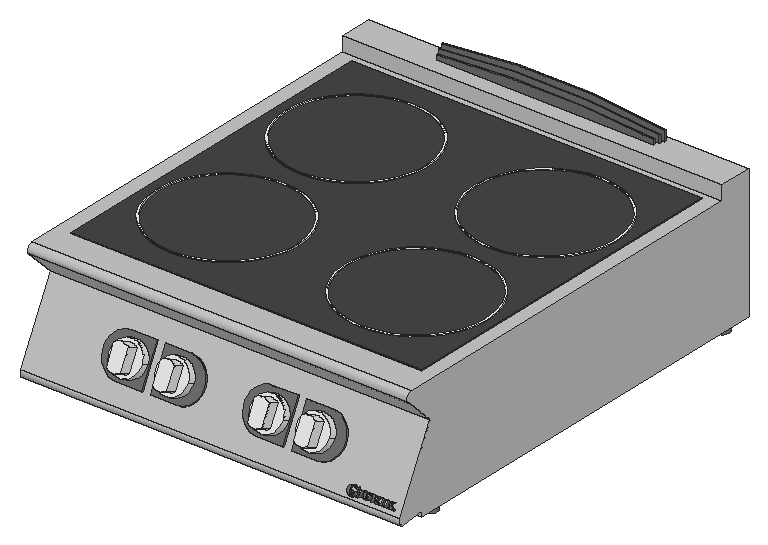
Revit family "QF_GIORIK_CI940T", category Specialty Equipment, Revit 2014
Parameters (values of type "CI940T")
  Weight in Pounds = 165.3465
  Watts = 20000 W
  Volts = 400 V
  URL Cutsheet = "www.giorik.com"
  URL = "www.giorik.com"
  Status [instance] = ""
  Specification by User [instance] = ""
  Specification by Manufacturer = ""
  Show Logo [instance] = yes
  Show Clearance [instance] = yes
  Serial Number = ""
  Seismic Rating = ""
  SMACNA No = ""
  Revision Code [instance] = ""
  Phase = 3
  Number of Poles [instance] = 3
  NAFEM Spec ID Number = ""
  Model = "CI940T"
  Min Ckt Ampacity = 0 A
  Max Overcurrent Protection = 0 A
  Masterspec = ""
  Manufacturer = "GIORIK"
  Item Number [instance] = ""
  Installed By [instance] = ""
  Identify Quantity as Lot [instance] = no
  HP = "26.820400000000"
  Furnished By [instance] = ""
  Foodservice Equipment Identifier [instance] = yes
  FL Amps = 0 A
  Electrical Remarks [instance] = ""
  Electric Connection Type [instance] = ""
  Elec Conn RI Height [instance] = 0 mm
  Elec Conn Connection Height [instance] = 20 mm
  Description = "4 ZONE INDUCTION HOB - COUNTERTOP VERSION"
  Cycle = 50 Hz
  Conn Plug = ""
  CSI MasterFormat = ""
  Assembly Code = "E1090320"
  Apparent Power = 20000 VA
Reference planes
  plane 1 "Back": y = 0
  plane 2: z = 0
  plane 3 "Left": x = 0
  plane 4 "Right": x = 800
  plane 5 "Front": y = -920
  plane 6 "Top": z = 300
Forms (mm)
  Extrusion 1, solid, visible <- "Show Logo"
    sketch origin (591.604, -936.624, 9.486) x (-1, 0, 0) y (0, 0.452718, 0.891654)
      loop
        line (-118.824, 58.358) -> (-127.804, 58.358) -> (-125.523, 56.445) -> (-125.523, 48.027) -> (-127.804, 46.113) -> (-118.824, 46.113) -> (-121.105, 48.027) -> (-121.105, 56.445) -> (-118.824, 58.358)
      loop
        line (-163.721, 58.358) -> (-172.7, 58.358) -> (-170.42, 56.445) -> (-170.42, 48.027) -> (-172.7, 46.113) -> (-163.721, 46.113) -> (-166.001, 48.027) -> (-166.001, 56.445) -> (-163.721, 58.358)
      loop
        line (-174.332, 58.358) -> (-183.312, 58.358) -> (-181.031, 56.445) -> (-181.031, 52.435) -> (-186.419, 56.955) -> (-184.416, 58.358) -> (-191.268, 58.358) -> (-188.01, 56.839) -> (-185.455, 54.283) -> (-190.846, 47.858) -> (-193.396, 46.93) -> (-193.396, 46.113) -> (-184.416, 46.113) -> (-185.437, 47.571) -> (-182.443, 51.552) -> (-181.031, 50.894) -> (-181.031, 48.027) -> (-183.312, 46.113) -> (-174.332, 46.113) -> (-176.613, 48.027) -> (-176.613, 56.445) -> (-174.332, 58.358)
      loop
        line (-115.429, 62.063) -> (-115.429, 54.198)
        arc (-115.429, 54.198) -> (-111.618, 57.803) -> (-106.847, 59.986) r 16.039
        arc (-106.847, 59.986) -> (-103.314, 59.837) -> (-100.512, 57.68) r 5.851
        arc (-100.512, 57.68) -> (-98.815, 52.267) -> (-100.512, 46.853) r 9.479
        arc (-100.512, 46.853) -> (-102.406, 44.986) -> (-104.846, 43.93) r 7.236
        arc (-104.846, 43.93) -> (-107.728, 44.111) -> (-110.052, 45.825) r 5.11
        line (-110.052, 45.825) -> (-110.052, 52.001) -> (-116.141, 52.001) -> (-116.141, 45.503) -> (-117.893, 43.751) -> (-114.094, 44.769)
        arc (-114.094, 44.769) -> (-112.56, 44.947) -> (-111.129, 44.366) r 3.115
        arc (-111.129, 44.366) -> (-104.216, 42.091) -> (-97.303, 44.366) r 11.641
        arc (-97.303, 44.366) -> (-93.396, 52.107) -> (-97.303, 59.849) r 9.622
        arc (-97.303, 59.849) -> (-104.369, 62.174) -> (-111.435, 59.849) r 11.898
        line (-111.435, 59.849) -> (-115.429, 62.063)
      loop
        arc (-129.234, 56.068) -> (-135.893, 58.628) -> (-142.552, 56.068) r 9.941
        arc (-142.552, 56.068) -> (-144.234, 52.286) -> (-142.552, 48.505) r 5.093
        arc (-142.552, 48.505) -> (-135.893, 45.945) -> (-129.234, 48.505) r 9.941
        arc (-129.234, 48.505) -> (-127.552, 52.286) -> (-129.234, 56.068) r 5.093
      loop
        arc (-132.628, 54.403) -> (-135.893, 57.668) -> (-139.158, 54.403) r 3.265
        line (-139.158, 54.403) -> (-139.158, 50.169)
        arc (-139.158, 50.169) -> (-135.893, 46.904) -> (-132.628, 50.169) r 3.265
        line (-132.628, 50.169) -> (-132.628, 54.403)
      loop
        arc (-156.363, 58.365) -> (-159.647, 55.081) -> (-156.363, 51.796) r 3.285
        line (-156.363, 51.796) -> (-159.529, 47.306) -> (-162.087, 46.113) -> (-155.847, 46.113) -> (-153.529, 51.083) -> (-150.637, 51.083) -> (-150.637, 47.784) -> (-153.022, 46.113) -> (-144.011, 46.113) -> (-146.094, 47.68) -> (-146.094, 56.493) -> (-144.229, 58.365) -> (-156.363, 58.365)
      loop
        line (-150.637, 57.512) -> (-153.637, 57.512)
        arc (-153.637, 57.512) -> (-156.237, 54.912) -> (-153.637, 52.312) r 2.6
        line (-153.637, 52.312) -> (-150.637, 52.312) -> (-150.637, 57.512)
      loop
        line (-108.924, 52.001) -> (-104.936, 49.005) -> (-100.948, 52.001) -> (-108.924, 52.001)
    from 1.5 to -0.5
  Extrusion 2, solid
    sketch origin (-4, 0.138, 5) x (1, 0, 0) y (0, 1, 0)
      loop
        circle (54, -385) r 12.5
    from 0 to 15
  Extrusion 3, solid
    sketch origin (0, 800.138, -620) x (0, 1, 0) y (0, 0, 1)
      loop
        line (-800.138, 919.988) -> (-870.138, 919.988) -> (-870.138, 889.988) -> (-1688.806, 889.988)
        arc (-1688.806, 889.988) -> (-1699.151, 883.075) -> (-1696.724, 870.873) r 11.197
        line (-1696.724, 870.873) -> (-1640.876, 815.025) -> (-1718.948, 661.258)
        arc (-1718.948, 661.258) -> (-1718.233, 650.105) -> (-1708.118, 645.354) r 10.981
        line (-1708.118, 645.354) -> (-1660, 649.925) -> (-1660, 640) -> (-800.138, 640) -> (-800.138, 919.988)
    from 0 to 800
  Extrusion 4, solid
    sketch origin (-220.755, -1163.208, -547.637) x (1, 0, 0) y (0, 0.452718, 0.891654)
      loop
        line (463.221, 676.25) -> (463.221, 766.25) -> (409.698, 766.25)
        arc (409.698, 766.25) -> (364.698, 721.25) -> (409.698, 676.25) r 45
        line (409.698, 676.25) -> (463.221, 676.25)
    from 48 to 50
  Extrusion 5, solid
    sketch origin (553.797, -1208.559, -525.041) x (-1, 0, 0) y (0, -0.45351, -0.891251)
      loop
        circle (351.331, -721.346) r 35
    from 0 to 15
  Extrusion 6, solid
    sketch origin (553.797, -1208.559, -525.041) x (-1, 0, 0) y (0, -0.45351, -0.891251)
      loop
        arc (336.331, -743.846) -> (351.331, -748.846) -> (366.331, -743.846) r 25
        line (366.331, -743.846) -> (366.331, -698.846)
        arc (366.331, -698.846) -> (351.331, -693.846) -> (336.331, -698.846) r 25
        line (336.331, -698.846) -> (336.331, -743.846)
    from 15 to 40
  Extrusion 7, solid
    sketch origin (723.221, -1163.208, -547.637) x (-1, 0, 0) y (0, -0.452718, -0.891654)
      loop
        line (463.221, -676.25) -> (409.698, -676.25)
        arc (409.698, -676.25) -> (364.698, -721.25) -> (409.698, -766.25) r 45
        line (409.698, -766.25) -> (463.221, -766.25) -> (463.221, -676.25)
    from 48 to 50
  Extrusion 8, solid
    sketch origin (-51.331, -1208.559, -525.041) x (1, 0, 0) y (0, 0.45351, 0.891251)
      loop
        circle (351.331, 721.346) r 35
    from 0 to 15
  Extrusion 9, solid
    sketch origin (-51.331, -1208.559, -525.041) x (1, 0, 0) y (0, 0.45351, 0.891251)
      loop
        line (336.331, 743.846) -> (336.331, 698.846)
        arc (336.331, 698.846) -> (351.331, 693.846) -> (366.331, 698.846) r 25
        line (366.331, 698.846) -> (366.331, 743.846)
        arc (366.331, 743.846) -> (351.331, 748.846) -> (336.331, 743.846) r 25
    from 15 to 40
  Extrusion 10, solid
    sketch origin (76.779, -1163.208, -547.637) x (1, 0, 0) y (0, 0.452718, 0.891654)
      loop
        line (463.221, 676.25) -> (463.221, 766.25) -> (409.698, 766.25)
        arc (409.698, 766.25) -> (364.698, 721.25) -> (409.698, 676.25) r 45
        line (409.698, 676.25) -> (463.221, 676.25)
    from 48 to 50
  Extrusion 11, solid
    sketch origin (851.331, -1208.559, -525.041) x (-1, 0, 0) y (0, -0.45351, -0.891251)
      loop
        circle (351.331, -721.346) r 35
    from 0 to 15
  Extrusion 12, solid
    sketch origin (851.331, -1208.559, -525.041) x (-1, 0, 0) y (0, -0.45351, -0.891251)
      loop
        arc (336.331, -743.846) -> (351.331, -748.846) -> (366.331, -743.846) r 25
        line (366.331, -743.846) -> (366.331, -698.846)
        arc (366.331, -698.846) -> (351.331, -693.846) -> (336.331, -698.846) r 25
        line (336.331, -698.846) -> (336.331, -743.846)
    from 15 to 40
  Extrusion 13, solid
    sketch origin (1020.755, -1163.208, -547.637) x (-1, 0, 0) y (0, -0.452718, -0.891654)
      loop
        line (463.221, -676.25) -> (409.698, -676.25)
        arc (409.698, -676.25) -> (364.698, -721.25) -> (409.698, -766.25) r 45
        line (409.698, -766.25) -> (463.221, -766.25) -> (463.221, -676.25)
    from 48 to 50
  Extrusion 14, solid
    sketch origin (246.203, -1208.559, -525.041) x (1, 0, 0) y (0, 0.45351, 0.891251)
      loop
        circle (351.331, 721.346) r 35
    from 0 to 15
  Extrusion 15, solid
    sketch origin (246.203, -1208.559, -525.041) x (1, 0, 0) y (0, 0.45351, 0.891251)
      loop
        line (336.331, 743.846) -> (336.331, 698.846)
        arc (336.331, 698.846) -> (351.331, 693.846) -> (366.331, 698.846) r 25
        line (366.331, 698.846) -> (366.331, 743.846)
        arc (366.331, 743.846) -> (351.331, 748.846) -> (336.331, 743.846) r 25
    from 15 to 40
  Extrusion 16, solid
    sketch origin (36.031, 0.038, -610.002) x (1, 0, 0) y (0, 0, 1)
      loop
        line (135, 909.989) -> (592.969, 909.989) -> (592.969, 919.989) -> (440.969, 929.989) -> (287, 929.989) -> (135, 919.989) -> (135, 909.989)
    from 32 to 35
  Extrusion 17, solid
    sketch origin (38, 10.038, -610.002) x (1, 0, 0) y (0, 0, 1)
      loop
        line (594, 909.989) -> (594, 924.989) -> (440, 937.489) -> (284, 937.489) -> (130, 925.001) -> (130, 909.989) -> (594, 909.989)
    from 32 to 35
  Extrusion 18, solid
    sketch origin (40, 20.038, -610.002) x (1, 0, 0) y (0, 0, 1)
      loop
        line (595, 909.989) -> (595, 930.001) -> (439, 945.258) -> (281, 945.258) -> (125, 929.989) -> (125, 909.989) -> (595, 909.989)
    from 32 to 35
  Extrusion 19, solid
    sketch origin (0.216, -199.623, 221) x (0, 1, 0) y (-1, 0, 0)
      loop
        line (-625, -30) -> (-625, -769.568) -> (115, -769.568) -> (115, -30) -> (-625, -30)
    from 48 to 50
  Extrusion 20, solid
    sketch origin (0.216, -199.623, 221) x (0, 1, 0) y (-1, 0, 0)
      loop
        line (-625, -30) -> (-625, -769.568) -> (115, -769.568) -> (115, -30) -> (-625, -30)
    from 48 to 50
  Extrusion 21, solid
    sketch origin (10.216, -516.123, 248.488) x (0, -1, 0) y (1, 0, 0)
      loop
        circle (-231.5, 189.999) r 150
      loop
        circle (-231.5, 189.999) r 146.5
    from 23 to 20.512
  Extrusion 22, solid
    sketch origin (10.216, -856.123, 248.488) x (0, -1, 0) y (1, 0, 0)
      loop
        circle (-231.5, 189.999) r 150
      loop
        circle (-231.5, 189.999) r 146.5
    from 23 to 20.512
  Extrusion 23, solid
    sketch origin (409.816, -516.123, 248.488) x (0, -1, 0) y (1, 0, 0)
      loop
        circle (-231.5, 189.999) r 150
      loop
        circle (-231.5, 189.999) r 146.5
    from 23 to 20.512
  Extrusion 24, solid
    sketch origin (409.816, -856.123, 248.488) x (0, -1, 0) y (1, 0, 0)
      loop
        circle (-231.5, 189.999) r 150
      loop
        circle (-231.5, 189.999) r 146.5
    from 23 to 20.512
  Extrusion 25, solid
    sketch origin (543.603, 45.244, -30) x (0, 1, 0) y (-1, 0, 0)
      loop
        circle (-79.293, 516.603) r 5
    from 41.965 to 50
  Revolve 26, solid
    sketch origin (27, 49.893, -600) x (0, 1, 0) y (0, 0, 1)
      loop
        line (-83.943, 611.965) -> (-94.752, 611.965) -> (-97.943, 600) -> (-83.943, 600) -> (-83.943, 611.965)
      axis (-83.943, 611.965) -> (-83.943, 600)
    angle from 0 to 360
  Extrusion 27, solid
    sketch origin (256.397, 45.244, -30) x (0, 1, 0) y (-1, 0, 0)
      loop
        circle (-79.293, -516.603) r 5
    from 41.965 to 50
  Revolve 28, solid
    sketch origin (773, 49.893, -600) x (0, 1, 0) y (0, 0, -1)
      loop
        line (-83.943, -611.965) -> (-83.943, -600) -> (-97.943, -600) -> (-94.752, -611.965) -> (-83.943, -611.965)
      axis (-83.943, -611.965) -> (-83.943, -600)
    angle from 0 to 360
  Extrusion 29, solid
    sketch origin (543.603, -724.524, -30) x (0, 1, 0) y (-1, 0, 0)
      loop
        circle (-79.293, 516.603) r 5
    from 41.965 to 50
  Revolve 30, solid
    sketch origin (27, -719.875, -600) x (0, 1, 0) y (0, 0, 1)
      loop
        line (-83.943, 611.965) -> (-94.752, 611.965) -> (-97.943, 600) -> (-83.943, 600) -> (-83.943, 611.965)
      axis (-83.943, 611.965) -> (-83.943, 600)
    angle from 0 to 360
  Extrusion 31, solid
    sketch origin (256.397, -724.524, -30) x (0, 1, 0) y (-1, 0, 0)
      loop
        circle (-79.293, -516.603) r 5
    from 41.965 to 50
  Revolve 32, solid
    sketch origin (773, -719.875, -600) x (0, 1, 0) y (0, 0, -1)
      loop
        line (-83.943, -611.965) -> (-83.943, -600) -> (-97.943, -600) -> (-94.752, -611.965) -> (-83.943, -611.965)
      axis (-83.943, -611.965) -> (-83.943, -600)
    angle from 0 to 360
Lines and regions (mm)
  symbolic lines, style "200-EquipBorder-2D"
    curve 1: line (0, -919.862, 0) -> (800, -919.862, 0)
    curve 2: line (800, -919.862, 0) -> (800, 0, 0)
    curve 3: line (800, 0, 0) -> (0, 0, 0)
    curve 4: line (0, 0, 0) -> (0, -919.862, 0)
  symbolic lines, style "200-EquipInternal-2D"
    curve 5: line (0, -70, 300) -> (800, -70, 300)
    curve 6: line (165, -11.962, 900) -> (635, -11.962, 900)
    curve 7: line (635, -11.962, 900) -> (635, -14.962, 900)
    curve 8: line (635, -14.962, 900) -> (165, -14.962, 900)
    curve 9: line (165, -14.962, 900) -> (165, -11.962, 900)
    curve 10: line (168, -21.962, 900) -> (632, -21.962, 900)
    curve 11: line (632, -21.962, 900) -> (632, -24.962, 900)
    curve 12: line (632, -24.962, 900) -> (168, -24.962, 900)
    curve 13: line (168, -24.962, 900) -> (168, -21.962, 900)
    curve 14: line (171.031, -31.962, 900) -> (629, -31.962, 900)
    curve 15: line (629, -31.962, 900) -> (629, -34.962, 900)
    curve 16: line (629, -34.962, 900) -> (171.031, -34.962, 900)
    curve 17: line (171.031, -34.962, 900) -> (171.031, -31.962, 900)
    curve 18: circle (200.215, -284.623, 900) r 150 normal (0, 0, 1)
    curve 19: circle (200.215, -284.623, 900) r 146.5 normal (0, 0, 1)
    curve 20: circle (200.215, -624.623, 900) r 150 normal (0, 0, 1)
    curve 21: circle (200.215, -624.623, 900) r 146.5 normal (0, 0, 1)
    curve 22: line (30.216, -84.623, 900) -> (769.784, -84.623, 900)
    curve 23: line (30.216, -824.623, 900) -> (30.216, -84.623, 900)
    curve 24: line (769.784, -824.623, 900) -> (30.216, -824.623, 900)
    curve 25: line (769.784, -84.623, 900) -> (769.784, -824.623, 900)
    curve 26: circle (599.815, -284.623, 900) r 150 normal (0, 0, 1)
    curve 27: circle (599.815, -284.623, 900) r 146.5 normal (0, 0, 1)
    curve 28: circle (599.815, -624.623, 900) r 150 normal (0, 0, 1)
    curve 29: circle (599.815, -624.623, 900) r 146.5 normal (0, 0, 1)
Dimensions and locks
  plane 3 "Left" to plane 4 "Right" = 800 mm
  plane 5 "Front" to plane 1 "Back" = 920 mm
  plane 4 "Right" to plane 3 "Left" = 800 mm
  plane 1 "Back" to plane 5 "Front" = 920 mm
  plane 6 "Top" to level = 300 mm  (x2)
  aligned and locked: level to plane 2
Connectors
  electrical at (50, -384.862, 5), driven by "Apparent Power", driven by "Volts", driven by "Number of Poles"
    settings: on Extrusion 2, index 1, voltage 400 V, apparent load 0 VA, apparent load phase1 20000 VA, apparent load phase2 0 VA, apparent load phase3 0 VA, power factor 1, load classification "Other", number of poles 3, system type 31, power factor state 1, is connector primary yes, connector utility no, sub classification motor no, connector description "Electrical connection"
